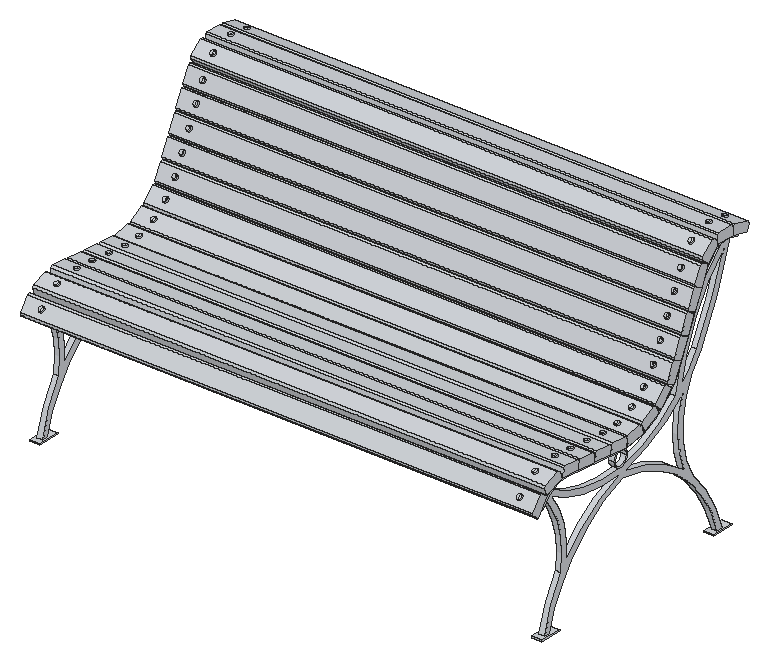
Revit family "Садово-парковая скамейка «Мой Парк NOVA»", category Мебель, Revit 2017
Family settings
  Номер OmniClass = 23.40.20.00
  Заголовок OmniClass = General Furniture and Specialties
  На основе рабочей плоскости = Нет
  Всегда вертикально = Да
  При загрузке вырезать с полостями = Нет
  Общий = Нет
  Точка расчета площади = Нет
Parameters (values of type "Садово-парковая скамейка «Мой Парк NOVA» 1,5м")
  Центральная опора = no
  Стоимость = 8639
  Перемычка = yes
  Изготовитель = "ООО \"Хоббика\""
  URL = "https://hobbyka.ru/product/sadovoparkovaya_skameyka_moy_park_nova/?sphrase_id=61908#close_popup_window"
  ADSK_Размер_Ширина сидения = 400 mm
  ADSK_Размер_Ширина = 650 mm
  ADSK_Размер_Длина = 1500 mm
  ADSK_Размер_Высота сидения = 400 mm
  ADSK_Размер_Высота = 750 mm
  ADSK_Наименование = "Садово-парковая скамейка «Мой Парк NOVA» 1,5м"
  ADSK_Материал фурнитуры = none
  ADSK_Материал опоры = none
  ADSK_Материал доски = none
  ADSK_Код изделия = "8464"
Types (7, lengths in mm): name | Центральная опора | Стоимость | ADSK_Размер_Длина | ADSK_Наименование
  (no name) | no | 8639 | 1500 | "Садово-парковая скамейка «Мой Парк NOVA» 1,5м"
  Садово-парковая скамейка «Мой Парк NOVA» 1,2м | no | 7877 | 1200 | "Садово-парковая скамейка «Мой Парк NOVA» 1,2м"
  Садово-парковая скамейка «Мой Парк NOVA» 1,5м | no | 8639 | 1500 | "Садово-парковая скамейка «Мой Парк NOVA» 1,5м"
  Садово-парковая скамейка «Мой Парк NOVA» 1,8м | no | 9910 | 1800 | "Садово-парковая скамейка «Мой Парк NOVA» 1,8м"
  Садово-парковая скамейка «Мой Парк NOVA» 2,0м | yes | 15627 | 2000 | "Садово-парковая скамейка «Мой Парк NOVA» 2,0м"
  Садово-парковая скамейка «Мой Парк NOVA» 3,0м | yes | 16627 | 3000 | "Садово-парковая скамейка «Мой Парк NOVA» 3,0м"
  Садово-парковая скамейка «Мой Парк NOVA» Кресло | no | 6480 | 600 | "Садово-парковая скамейка «Мой Парк NOVA» Кресло"
Reference planes
  plane 1 "По центру (Вперед/Назад)": y = 0
  plane 2: z = 0
  plane 3 "По центру (Влево/Вправо)": x = 0
  plane 4: x = -750
  plane 5: x = 750
  plane 6: x = -720
  plane 7: x = 720
Forms (mm)
  Extrusion 1, solid, not visible
    sketch origin (0, 0, 0) x (0, 1, 0) y (0, 0, 1)
      loop
        line (-669.595, 375.627) -> (-707.229, 328.307) -> (-705.664, 327.062) -> (-668.381, 373.941) -> (-612.917, 394.163) -> (-377.467, 370.328) -> (-317.315, 382.15) -> (-260.098, 412.343) -> (-204.829, 467.649) -> (-78.639, 728.913) -> (-45.5, 758.217) -> (5.94, 756.331) -> (56.699, 742.19) -> (57.236, 744.117) -> (6.249, 758.321) -> (-46.225, 760.245) -> (-80.265, 730.145) -> (-206.483, 468.824) -> (-261.299, 413.971) -> (-317.989, 384.056) -> (-377.561, 372.348) -> (-613.171, 396.199) -> (-669.595, 375.627)
    from 0 to 250
  Extrusion 2, solid, material <- "ADSK_Материал опоры", visible <- "Перемычка"
    sketch origin (-26.499, 2.483, 0) x (0, 1, 0) y (0, 0, 1)
      loop
        line (21.394, 750.296) -> (22.199, 753.186) -> (7.555, 757.266)
        arc (7.555, 757.266) -> (-50.667, 752.705) -> (-92.27, 711.719) r 85.186
        line (-92.27, 711.719) -> (-191.94, 501.636)
        arc (-191.94, 501.636) -> (-283.497, 403.388) -> (-414.945, 375.881) r 222.074
        line (-414.945, 375.881) -> (-595.664, 394.175)
        arc (-595.664, 394.175) -> (-652.528, 383.942) -> (-695.353, 345.158) r 104.922
        line (-695.353, 345.158) -> (-692.804, 343.574)
        arc (-692.804, 343.574) -> (-651.184, 381.248) -> (-595.931, 391.187) r 101.976
        line (-595.931, 391.187) -> (-415.209, 372.892)
        arc (-415.209, 372.892) -> (-282.017, 400.764) -> (-189.246, 500.315) r 225.02
        line (-189.246, 500.315) -> (-89.578, 710.394)
        arc (-89.578, 710.394) -> (-49.415, 749.961) -> (6.792, 754.364) r 82.237
        line (6.792, 754.364) -> (21.394, 750.296)
    from 0 to 52.998
Dimensions and locks
  equal spacing: plane 4, plane 3 "По центру (Влево/Вправо)", plane 5
  "ADSK_Размер_Длина": plane 4 to plane 5
  locked: plane 4 to plane 6 at 30
  locked: plane 7 to plane 5 at 30
  aligned and locked: level to plane 2
  aligned and locked: plane 5 to nested 1
  aligned and locked: plane 4 to nested 2
  aligned and locked: plane 4 to nested 3
  aligned and locked: plane 4 to nested 4
  aligned and locked: plane 4 to nested 5
  aligned and locked: plane 4 to nested 6
  aligned and locked: plane 4 to nested 17
  aligned and locked: plane 4 to nested 7
  aligned and locked: plane 4 to nested 8
  aligned and locked: plane 4 to nested 9
  aligned and locked: plane 4 to nested 10
  aligned and locked: plane 4 to nested 16
  aligned and locked: plane 4 to nested 18
  aligned and locked: plane 4 to nested 15
  aligned and locked: plane 4 to nested 14
  aligned and locked: plane 4 to nested 13
  aligned and locked: plane 4 to nested 12
  aligned and locked: plane 4 to nested 11
  aligned and locked: plane 4 to nested 20
Automatic sketch dimensions
  plane 1 "По центру (Вперед/Назад)" to Extrusion 1 sketch curve = 707.229 mm
  level to Extrusion 1 sketch curve = 327.062 mm
  Extrusion 1 sketch curve to Extrusion 1 sketch curve = 1.565 mm
  Extrusion 1 sketch curve to Extrusion 1 sketch curve = 37.634 mm
  level to Extrusion 1 sketch curve = 373.941 mm
  Extrusion 1 sketch curve to Extrusion 1 sketch curve = 1.215 mm
  Extrusion 1 sketch curve to Extrusion 1 sketch curve = 55.209 mm
  Extrusion 1 sketch curve to Extrusion 1 sketch curve = 0.255 mm
  Extrusion 1 sketch curve to Extrusion 1 sketch curve = 235.355 mm
  Extrusion 1 sketch curve to Extrusion 1 sketch curve = 0.094 mm
  Extrusion 1 sketch curve to Extrusion 1 sketch curve = 59.572 mm
  Extrusion 1 sketch curve to Extrusion 1 sketch curve = 0.674 mm
  Extrusion 1 sketch curve to Extrusion 1 sketch curve = 56.69 mm
  Extrusion 1 sketch curve to Extrusion 1 sketch curve = 1.201 mm
  Extrusion 1 sketch curve to Extrusion 1 sketch curve = 54.816 mm
  Extrusion 1 sketch curve to Extrusion 1 sketch curve = 1.654 mm
  plane 1 "По центру (Вперед/Назад)" to Extrusion 1 sketch curve = 80.265 mm
  Extrusion 1 sketch curve to Extrusion 1 sketch curve = 1.626 mm
  Extrusion 1 sketch curve to Extrusion 1 sketch curve = 3.614 mm
  Extrusion 1 sketch curve to Extrusion 1 sketch curve = 2.02 mm
  Extrusion 1 sketch curve to Extrusion 1 sketch curve = 9.803 mm
  Extrusion 1 sketch curve to Extrusion 1 sketch curve = 1.906 mm
  Extrusion 1 sketch curve to Extrusion 1 sketch curve = 20.221 mm
  Extrusion 1 sketch curve to Extrusion 1 sketch curve = 2.036 mm
  Extrusion 1 sketch curve to Extrusion 1 sketch curve = 28.287 mm
  Extrusion 1 sketch curve to Extrusion 1 sketch curve = 1.628 mm
  Extrusion 1 sketch curve to Extrusion 1 sketch curve = 53.679 mm
  Extrusion 1 sketch curve to Extrusion 1 sketch curve = 1.174 mm
  Extrusion 1 sketch curve to Extrusion 1 sketch curve = 260.089 mm
  Extrusion 1 sketch curve to Extrusion 1 sketch curve = 1.232 mm
  Extrusion 1 sketch curve to Extrusion 1 sketch curve = 29.304 mm
  Extrusion 1 sketch curve to Extrusion 1 sketch curve = 0.537 mm
  Extrusion 1 sketch curve to Extrusion 1 sketch curve = 1.927 mm
  Extrusion 1 sketch curve to Extrusion 1 sketch curve = 3.914 mm
  Extrusion 1 sketch curve to Extrusion 1 sketch curve = 0.726 mm
  Extrusion 1 sketch curve to plane 1 "По центру (Вперед/Назад)" = 6.249 mm
  Extrusion 1 sketch curve to Extrusion 1 sketch curve = 0.309 mm
  Extrusion 1 sketch curve to Extrusion 1 sketch curve = 2.028 mm
  Extrusion 1 sketch curve to Extrusion 1 sketch curve = 52.165 mm
  Extrusion 1 sketch curve to Extrusion 1 sketch curve = 16.027 mm
  level to Extrusion 2 sketch curve = 345.158 mm
  plane 1 "По центру (Вперед/Назад)" to Extrusion 2 sketch curve = 692.869 mm
  level to Extrusion 2 sketch curve = 343.574 mm
  Extrusion 2 sketch curve to Extrusion 2 sketch curve = 2.549 mm
  Extrusion 2 sketch curve to Extrusion 2 sketch curve = 86.572 mm
  Extrusion 2 sketch curve to Extrusion 2 sketch curve = 0.029 mm
  Extrusion 2 sketch curve to Extrusion 2 sketch curve = 10.3 mm
  Extrusion 2 sketch curve to Extrusion 2 sketch curve = 0.267 mm
  Extrusion 2 sketch curve to Extrusion 2 sketch curve = 180.722 mm
  Extrusion 2 sketch curve to Extrusion 2 sketch curve = 0.264 mm
  Extrusion 2 sketch curve to Extrusion 2 sketch curve = 22.367 mm
  Extrusion 2 sketch curve to Extrusion 2 sketch curve = 0.033 mm
  plane 1 "По центру (Вперед/Назад)" to Extrusion 2 sketch curve = 189.457 mm
  Extrusion 2 sketch curve to Extrusion 2 sketch curve = 2.694 mm
  plane 1 "По центру (Вперед/Назад)" to Extrusion 2 sketch curve = 89.787 mm
  Extrusion 2 sketch curve to Extrusion 2 sketch curve = 2.692 mm
  plane 1 "По центру (Вперед/Назад)" to Extrusion 2 sketch curve = 12.823 mm
  Extrusion 2 sketch curve to Extrusion 2 sketch curve = 0.028 mm
  Extrusion 2 sketch curve to plane 1 "По центру (Вперед/Назад)" = 9.275 mm
  Extrusion 2 sketch curve to Extrusion 2 sketch curve = 0.763 mm
  Extrusion 2 sketch curve to Extrusion 2 sketch curve = 14.603 mm
  Extrusion 2 sketch curve to Extrusion 2 sketch curve = 0.805 mm
  Extrusion 2 sketch curve to Extrusion 2 sketch curve = 53.787 mm
  Extrusion 2 sketch curve to Extrusion 2 sketch curve = 0.058 mm
  Extrusion 2 sketch curve to Extrusion 2 sketch curve = 18.295 mm
  Extrusion 2 sketch curve to Extrusion 2 sketch curve = 2.989 mm
  Extrusion 2 sketch curve to Extrusion 2 sketch curve = 124.435 mm
  Extrusion 2 sketch curve to Extrusion 2 sketch curve = 1.321 mm
  Extrusion 2 sketch curve to Extrusion 2 sketch curve = 174.828 mm
  Extrusion 2 sketch curve to Extrusion 2 sketch curve = 0.062 mm
  Extrusion 2 sketch curve to Extrusion 2 sketch curve = 35.188 mm
  Extrusion 2 sketch curve to Extrusion 2 sketch curve = 1.325 mm
  Extrusion 2 sketch curve to Extrusion 2 sketch curve = 4.068 mm
  Extrusion 2 sketch curve to Extrusion 2 sketch curve = 2.89 mm
Nested families
  nested 1: "Опора" at (750, 2.483, 0) x (-1, 0, 0) z (0, 0, 1), Материал опоры <- "ADSK_Материал опоры", type "Опора"
    with Материал опоры none
  nested 2: "Doska" at (-750, -672.496, 371.979) x (1, 0, 0) z (0, -0.7827, 0.6225), Длина доски <- "ADSK_Размер_Длина", Материал доски <- "ADSK_Материал доски", Материал фурнитуры <- "ADSK_Материал фурнитуры", type "Doska"
    with Материал фурнитуры none, Материал доски none, Длина доски 1500 mm
  nested 3: "Doska" at (-750, -620.173, 393.646) x (1, 0, 0) z (0, -0.3425, 0.9395), Длина доски <- "ADSK_Размер_Длина", Материал доски <- "ADSK_Материал доски", Материал фурнитуры <- "ADSK_Материал фурнитуры", type "Doska"
    with Материал фурнитуры none, Материал доски none, Длина доски 1500 mm
  nested 4: "Doska" at (-750, -560.305, 390.847) x (1, 0, 0) z (0, 0.1007, 0.9949), Длина доски <- "ADSK_Размер_Длина", Материал доски <- "ADSK_Материал доски", Материал фурнитуры <- "ADSK_Материал фурнитуры", type "Doska"
    with Материал фурнитуры none, Материал доски none, Длина доски 1500 mm
  nested 5: "Doska" at (-750, -502.821, 385.028) x (1, 0, 0) z (0, 0.1007, 0.9949), Длина доски <- "ADSK_Размер_Длина", Материал доски <- "ADSK_Материал доски", Материал фурнитуры <- "ADSK_Материал фурнитуры", type "Doska"
    with Материал фурнитуры none, Материал доски none, Длина доски 1500 mm
  nested 6: "Doska" at (-750, -442.781, 378.95) x (1, 0, 0) z (0, 0.1007, 0.9949), Длина доски <- "ADSK_Размер_Длина", Материал доски <- "ADSK_Материал доски", Материал фурнитуры <- "ADSK_Материал фурнитуры", type "Doska"
    with Материал фурнитуры none, Материал доски none, Длина доски 1500 mm
  nested 7: "Doska" at (-750, -323.084, 383.055) x (1, 0, 0) z (0, -0.1929, 0.9812), Длина доски <- "ADSK_Размер_Длина", Материал доски <- "ADSK_Материал доски", Материал фурнитуры <- "ADSK_Материал фурнитуры", type "Doska"
    with Материал фурнитуры none, Материал доски none, Длина доски 1500 mm
  nested 8: "Doska" at (-750, -264.974, 412.031) x (1, 0, 0) z (0, -0.4667, 0.8844), Длина доски <- "ADSK_Размер_Длина", Материал доски <- "ADSK_Материал доски", Материал фурнитуры <- "ADSK_Материал фурнитуры", type "Doska"
    with Материал фурнитуры none, Материал доски none, Длина доски 1500 mm
  nested 9: "Doska" at (-750, -218.683, 456.615) x (1, 0, 0) z (0, -0.7073, 0.7069), Длина доски <- "ADSK_Размер_Длина", Материал доски <- "ADSK_Материал доски", Материал фурнитуры <- "ADSK_Материал фурнитуры", type "Doska"
    with Материал фурнитуры none, Материал доски none, Длина доски 1500 mm
  nested 10: "Doska" at (-750, -185.262, 512.759) x (1, 0, 0) z (0, -0.9005, 0.4349), Длина доски <- "ADSK_Размер_Длина", Материал доски <- "ADSK_Материал доски", Материал фурнитуры <- "ADSK_Материал фурнитуры", type "Doska"
    with Материал фурнитуры none, Материал доски none, Длина доски 1500 mm
  nested 11: "Doska" at (-750, -159.711, 565.661) x (1, 0, 0) z (0, -0.9005, 0.4349), Длина доски <- "ADSK_Размер_Длина", Материал доски <- "ADSK_Материал доски", Материал фурнитуры <- "ADSK_Материал фурнитуры", type "Doska"
    with Материал фурнитуры none, Материал доски none, Длина доски 1500 mm
  nested 12: "Doska" at (-750, -134.334, 618.201) x (1, 0, 0) z (0, -0.9005, 0.4349), Длина доски <- "ADSK_Размер_Длина", Материал доски <- "ADSK_Материал доски", Материал фурнитуры <- "ADSK_Материал фурнитуры", type "Doska"
    with Материал фурнитуры none, Материал доски none, Длина доски 1500 mm
  nested 13: "Doska" at (-750, -108.464, 671.762) x (1, 0, 0) z (0, -0.9005, 0.4349), Длина доски <- "ADSK_Размер_Длина", Материал доски <- "ADSK_Материал доски", Материал фурнитуры <- "ADSK_Материал фурнитуры", type "Doska"
    with Материал фурнитуры none, Материал доски none, Длина доски 1500 mm
  nested 14: "Doska" at (-750, -83.849, 722.725) x (1, 0, 0) z (0, -0.9005, 0.4349), Длина доски <- "ADSK_Размер_Длина", Материал доски <- "ADSK_Материал доски", Материал фурнитуры <- "ADSK_Материал фурнитуры", type "Doska"
    with Материал фурнитуры none, Материал доски none, Длина доски 1500 mm
  nested 15: "Doska" at (-750, -44.585, 761.696) x (1, 0, 0) z (0, -0.6624, 0.7491), Длина доски <- "ADSK_Размер_Длина", Материал доски <- "ADSK_Материал доски", Материал фурнитуры <- "ADSK_Материал фурнитуры", type "Doska"
    with Материал фурнитуры none, Материал доски none, Длина доски 1500 mm
  nested 16: "Doska" at (-750, 57.236, 744.117) x (1, 0, 0) z (0, 0.2684, 0.9633), Длина доски <- "ADSK_Размер_Длина", Материал доски <- "ADSK_Материал доски", Материал фурнитуры <- "ADSK_Материал фурнитуры", type "Doska"
    with Материал фурнитуры none, Материал доски none, Длина доски 1500 mm
  nested 17: "Doska" at (-750, -384.04, 373.003) x (1, 0, 0) z (0, 0.1007, 0.9949), Длина доски <- "ADSK_Размер_Длина", Материал доски <- "ADSK_Материал доски", Материал фурнитуры <- "ADSK_Материал фурнитуры", type "Doska"
    with Материал фурнитуры none, Материал доски none, Длина доски 1500 mm
  nested 18: "Doska" at (-750, 6.249, 758.321) x (1, 0, 0) z (0, 0.0366, 0.9993), Длина доски <- "ADSK_Размер_Длина", Материал доски <- "ADSK_Материал доски", Материал фурнитуры <- "ADSK_Материал фурнитуры", type "Doska"
    with Материал фурнитуры none, Материал доски none, Длина доски 1500 mm
  nested 19: "Центральные опоры" at (-15, 2.483, 0), Материал опоры <- "ADSK_Материал опоры", visible <- "Центральная опора", type "Центральные опоры"
    with Материал опоры none
  nested 20: "Опора" at (-750, 2.483, 0), Материал опоры <- "ADSK_Материал опоры", type "Опора"
    with Материал опоры none
Definition of nested family "Опора"
  Parameters (values of type "Опора")
    Материал опоры [instance] = none
  Reference planes
    plane 1 "По центру (Вперед/Назад)": y = 0
    plane 2: z = 0
    plane 3 "По центру (Влево/Вправо)": x = 0
    plane 4: x = 30
    plane 5: x = 7
    plane 6: x = 22.998
    plane 7: x = 52.998
  Forms (mm)
    Extrusion 1, solid
      sketch origin (0, 0, 0) x (0, 1, 0) y (0, 0, 1)
        loop
          line (0, 3) -> (-65, 3) -> (-65, 0) -> (0, 0) -> (0, 3)
        loop
          line (-630, 3) -> (-695, 3) -> (-695, 0) -> (-630, 0) -> (-630, 3)
      from 0 to 30
    Extrusion 2, solid, material <- "Материал опоры"
      sketch origin (0, 0, 0) x (0, 1, 0) y (0, 0, 1)
        loop
          arc (-390.373, 292.963) -> (-257.839, 254.26) -> (-145.745, 173.65) r 408.851
          arc (-145.745, 173.65) -> (-84.994, 94.527) -> (-45.32, 3) r 406.908
          line (-45.32, 3) -> (-28.669, 3)
          arc (-28.669, 3) -> (-70.12, 100.788) -> (-134.628, 185.164) r 422.908
          arc (-134.628, 185.164) -> (-172.173, 321.183) -> (-137.102, 457.862) r 274.181
          arc (-137.102, 457.862) -> (-120.045, 480.261) -> (-104.511, 503.742) r 424.084
          arc (-104.511, 503.742) -> (-44.213, 620.609) -> (-2.032, 745.167) r 878.663
          line (-2.032, 745.167) -> (0.704, 755.813)
          arc (0.704, 755.813) -> (-9.337, 757.166) -> (-19.469, 757.274) r 82.237
          arc (-19.469, 757.274) -> (-138.313, 605.544) -> (-194.338, 421.134) r 524.578
          arc (-194.338, 421.134) -> (-286.158, 359.424) -> (-391.179, 324.643) r 408.084
          arc (-391.179, 324.643) -> (-527.532, 328.739) -> (-654.033, 379.793) r 387.85
          arc (-654.033, 379.793) -> (-665.467, 372.717) -> (-675.87, 364.198) r 101.979
          arc (-675.87, 364.198) -> (-621.532, 260.568) -> (-615.811, 143.696) r 271.722
          arc (-615.811, 143.696) -> (-652.592, 76.079) -> (-676.766, 3) r 431.224
          line (-676.766, 3) -> (-658.985, 3)
          arc (-658.985, 3) -> (-628.473, 85.236) -> (-581.367, 159.228) r 415.224
          arc (-581.367, 159.228) -> (-495.539, 239.903) -> (-390.373, 292.963) r 411.571
        loop
          arc (-379.78, 307.758) -> (-266.884, 276.063) -> (-166.953, 214.714) r 424.851
          arc (-166.953, 214.714) -> (-188.111, 317.135) -> (-171.587, 420.404) r 290.181
          arc (-171.587, 420.404) -> (-267.954, 350.734) -> (-379.876, 310.558) r 424.084
          arc (-379.876, 310.558) -> (-381.008, 309.117) -> (-379.78, 307.758) r 1.421
        loop
          arc (-596.974, 165.268) -> (-508.792, 249.721) -> (-400.011, 305.175) r 419.117
          arc (-400.011, 305.175) -> (-399.304, 306.433) -> (-400.482, 307.267) r 1.078
          arc (-400.482, 307.267) -> (-530.616, 313.038) -> (-652.143, 359.934) r 403.85
          arc (-652.143, 359.934) -> (-606.882, 267.61) -> (-596.974, 165.268) r 287.722
        loop
          arc (-21.672, 733.633) -> (-123.635, 599.088) -> (-175.939, 438.579) r 508.578
          arc (-175.939, 438.579) -> (-144.926, 473.689) -> (-118.141, 512.122) r 408.084
          arc (-118.141, 512.122) -> (-62.113, 619.483) -> (-21.672, 733.633) r 862.663
      from 7 to 22.998
    Extrusion 3, solid, material <- "Материал опоры"
      sketch origin (0, 0, 0) x (0, 1, 0) y (0, 0, 1)
        loop
          circle (-397.067, 347.972) r 23.81
        loop
          circle (-397.067, 347.972) r 21.81
      from 7 to 22.998
    Extrusion 4, solid, material <- "Материал опоры"
      sketch origin (0, 0, 0) x (0, 1, 0) y (0, 0, 1)
        loop
          line (21.394, 750.296) -> (22.199, 753.186) -> (7.555, 757.266)
          arc (7.555, 757.266) -> (-50.667, 752.705) -> (-92.27, 711.719) r 85.186
          line (-92.27, 711.719) -> (-191.94, 501.636)
          arc (-191.94, 501.636) -> (-283.497, 403.388) -> (-414.945, 375.881) r 222.074
          line (-414.945, 375.881) -> (-595.664, 394.175)
          arc (-595.664, 394.175) -> (-652.528, 383.942) -> (-695.353, 345.158) r 104.922
          line (-695.353, 345.158) -> (-692.804, 343.574)
          arc (-692.804, 343.574) -> (-651.184, 381.248) -> (-595.931, 391.187) r 101.976
          line (-595.931, 391.187) -> (-415.209, 372.892)
          arc (-415.209, 372.892) -> (-282.017, 400.764) -> (-189.246, 500.315) r 225.02
          line (-189.246, 500.315) -> (-89.578, 710.394)
          arc (-89.578, 710.394) -> (-49.415, 749.961) -> (6.792, 754.364) r 82.237
          line (6.792, 754.364) -> (21.394, 750.296)
      from 0 to 52.998
  Cuts and joins
    joined: Extrusion 2, Extrusion 4
  Dimensions and locks
    plane 6 to Extrusion 4 = 30 mm
    locked: plane 6 to plane 7 at 30
    aligned and locked: level to plane 2
    aligned and locked: Extrusion 1 to plane 4
    aligned and locked: Extrusion 1 to plane 3 "По центру (Влево/Вправо)"
    aligned and locked: Extrusion 2 to plane 5
    aligned and locked: plane 6 to Extrusion 2
    aligned and locked: Extrusion 3 to plane 5
    aligned and locked: plane 6 to Extrusion 3
    aligned and locked: plane 7 to Extrusion 4
    aligned and locked: Extrusion 4 to plane 3 "По центру (Влево/Вправо)"
Definition of nested family "Doska"
  Parameters (values of type "Doska")
    Default Elevation = 1219.2 mm
    Материал фурнитуры [instance] = none
    Материал доски [instance] = none
    Длина доски [instance] = 1500 mm
  Reference planes
    plane 1 "По центру (Вперед/Назад)": y = 0
    plane 2: z = 0
    plane 3 "По центру (Влево/Вправо)": x = 0
    plane 4 "1": x = 50
    plane 5: x = 1450
    plane 6: x = 1500
  Forms (mm)
    Extrusion 1, solid
      sketch origin (0, 0, 0) x (1, 0, 0) y (0, 1, 0)
        loop
          line (-1219.2, 1219.2) -> (-1219.2, -1219.2) -> (1219.2, -1219.2) -> (1219.2, 1219.2) -> (-1219.2, 1219.2)
      from 0 to -304.8
    Extrusion 2, solid, material <- "Материал доски"
      sketch origin (0, 0, 0) x (0, 1, 0) y (0, 0, 1)
        loop
          line (0, 23.25) -> (-4.65, 27.9) -> (-51.15, 27.9) -> (-55.8, 23.25) -> (-55.8, 0) -> (0, 0) -> (0, 23.25)
      from 0 to 1500
    Revolve 3, solid, material <- "Материал фурнитуры"
      sketch origin (50, 0, 0) x (0, 1, 0) y (0, 0, 1)
        loop
          line (-25.6, 29.76) -> (-32.6, 29.76) -> (-32.6, 27.9) -> (-25.6, 27.9) -> (-25.6, 29.76)
        axis (-25.6, 29.76) -> (-25.6, 27.9)
      angle from 0 to 360
    Revolve 4, solid, material <- "Материал фурнитуры"
      sketch origin (1450, 0, 0) x (0, 1, 0) y (0, 0, 1)
        loop
          line (-25.6, 29.76) -> (-32.6, 29.76) -> (-32.6, 27.9) -> (-25.6, 27.9) -> (-25.6, 29.76)
        axis (-25.6, 29.76) -> (-25.6, 27.9)
      angle from 0 to 360
  Dimensions and locks
    "Длина доски": plane 3 "По центру (Влево/Вправо)" to plane 6
    locked: plane 3 "По центру (Влево/Вправо)" to plane 4 "1" at 50
    locked: plane 5 to plane 6 at 50
    aligned and locked: plane 2 to Extrusion 1
    aligned and locked: level to Extrusion 1
    aligned and locked: Extrusion 2 sketch curve to Extrusion 1
    aligned and locked: plane 6 to Extrusion 2
    aligned and locked: plane 5 to Revolve 4
  Automatic sketch dimensions
    Extrusion 1 sketch curve to Extrusion 1 sketch curve = 2438.4 mm  (x2)
    Extrusion 2 sketch curve to plane 1 "По центру (Вперед/Назад)" = 0 mm
    plane 1 "По центру (Вперед/Назад)" to Extrusion 2 sketch curve = 4.65 mm
    Extrusion 2 sketch curve to Extrusion 2 sketch curve = 46.5 mm
    Extrusion 2 sketch curve to Extrusion 2 sketch curve = 4.65 mm  (x2)
    Extrusion 2 sketch curve to Extrusion 2 sketch curve = 23.25 mm  (x2)
    plane 1 "По центру (Вперед/Назад)" to Revolve 3 sketch curve = 32.6 mm
    Revolve 3 sketch curve to Revolve 3 sketch curve = 7 mm
    level to Revolve 3 sketch curve = 27.9 mm
    Revolve 3 sketch curve to Revolve 3 sketch curve = 1.86 mm
    Revolve 3 sketch curve to Revolve 3 sketch curve = 0 mm
    Revolve 3 sketch curve to Revolve 3 sketch curve = 5.113 mm
    Revolve 3 sketch curve to Revolve 3 sketch curve = 3.027 mm
    plane 1 "По центру (Вперед/Назад)" to Revolve 4 sketch curve = 32.6 mm
    Revolve 4 sketch curve to Revolve 4 sketch curve = 7 mm
    level to Revolve 4 sketch curve = 27.9 mm
    Revolve 4 sketch curve to Revolve 4 sketch curve = 1.86 mm
    Revolve 4 sketch curve to Revolve 4 sketch curve = 0 mm
    Revolve 4 sketch curve to Revolve 4 sketch curve = 5.113 mm
    Revolve 4 sketch curve to Revolve 4 sketch curve = 3.027 mm
Definition of nested family "Центральные опоры"
  Parameters (values of type "Центральные опоры")
    Материал опоры [instance] = none
  Reference planes
    plane 1 "По центру (Вперед/Назад)": y = 0
    plane 2: z = 0
    plane 3 "По центру (Влево/Вправо)": x = 0
    plane 4: x = 30
    plane 5: x = 7
    plane 6: x = 22.998
    plane 7: x = 52.998
  Forms (mm)
    Extrusion 1, solid
      sketch origin (0, 0, 0) x (0, 1, 0) y (0, 0, 1)
        loop
          line (0, 3) -> (-65, 3) -> (-65, 0) -> (0, 0) -> (0, 3)
        loop
          line (-630, 3) -> (-695, 3) -> (-695, 0) -> (-630, 0) -> (-630, 3)
      from 0 to 30
    Extrusion 2, solid, material <- "Материал опоры"
      sketch origin (0, 0, 0) x (0, 1, 0) y (0, 0, 1)
        loop
          arc (-390.373, 292.963) -> (-257.839, 254.26) -> (-145.745, 173.65) r 408.851
          arc (-145.745, 173.65) -> (-84.994, 94.527) -> (-45.32, 3) r 406.908
          line (-45.32, 3) -> (-28.669, 3)
          arc (-28.669, 3) -> (-70.12, 100.788) -> (-134.628, 185.164) r 422.908
          arc (-134.628, 185.164) -> (-172.173, 321.183) -> (-137.102, 457.862) r 274.181
          arc (-137.102, 457.862) -> (-120.045, 480.261) -> (-104.511, 503.742) r 424.084
          arc (-104.511, 503.742) -> (-44.213, 620.609) -> (-2.032, 745.167) r 878.663
          line (-2.032, 745.167) -> (0.704, 755.813)
          arc (0.704, 755.813) -> (-9.337, 757.166) -> (-19.469, 757.274) r 82.237
          arc (-19.469, 757.274) -> (-138.313, 605.544) -> (-194.338, 421.134) r 524.578
          arc (-194.338, 421.134) -> (-286.158, 359.424) -> (-391.179, 324.643) r 408.084
          arc (-391.179, 324.643) -> (-527.532, 328.739) -> (-654.033, 379.793) r 387.85
          arc (-654.033, 379.793) -> (-665.467, 372.717) -> (-675.87, 364.198) r 101.979
          arc (-675.87, 364.198) -> (-621.532, 260.568) -> (-615.811, 143.696) r 271.722
          arc (-615.811, 143.696) -> (-652.592, 76.079) -> (-676.766, 3) r 431.224
          line (-676.766, 3) -> (-658.985, 3)
          arc (-658.985, 3) -> (-628.473, 85.236) -> (-581.367, 159.228) r 415.224
          arc (-581.367, 159.228) -> (-495.539, 239.903) -> (-390.373, 292.963) r 411.571
        loop
          arc (-379.78, 307.758) -> (-266.884, 276.063) -> (-166.953, 214.714) r 424.851
          arc (-166.953, 214.714) -> (-188.111, 317.135) -> (-171.587, 420.404) r 290.181
          arc (-171.587, 420.404) -> (-267.954, 350.734) -> (-379.876, 310.558) r 424.084
          arc (-379.876, 310.558) -> (-381.008, 309.117) -> (-379.78, 307.758) r 1.421
        loop
          arc (-596.974, 165.268) -> (-508.792, 249.721) -> (-400.011, 305.175) r 419.117
          arc (-400.011, 305.175) -> (-399.304, 306.433) -> (-400.482, 307.267) r 1.078
          arc (-400.482, 307.267) -> (-530.616, 313.038) -> (-652.143, 359.934) r 403.85
          arc (-652.143, 359.934) -> (-606.882, 267.61) -> (-596.974, 165.268) r 287.722
        loop
          arc (-21.672, 733.633) -> (-123.635, 599.088) -> (-175.939, 438.579) r 508.578
          arc (-175.939, 438.579) -> (-144.926, 473.689) -> (-118.141, 512.122) r 408.084
          arc (-118.141, 512.122) -> (-62.113, 619.483) -> (-21.672, 733.633) r 862.663
      from 7 to 22.998
    Extrusion 3, solid, material <- "Материал опоры"
      sketch origin (0, 0, 0) x (0, 1, 0) y (0, 0, 1)
        loop
          circle (-397.067, 347.972) r 23.81
        loop
          circle (-397.067, 347.972) r 21.81
      from 7 to 22.998
  Dimensions and locks
    locked: plane 6 to plane 7 at 30
    aligned and locked: level to plane 2
    aligned and locked: Extrusion 1 to plane 4
    aligned and locked: Extrusion 1 to plane 3 "По центру (Влево/Вправо)"
    aligned and locked: Extrusion 2 to plane 5
    aligned and locked: plane 6 to Extrusion 2
    aligned and locked: Extrusion 3 to plane 5
    aligned and locked: plane 6 to Extrusion 3
